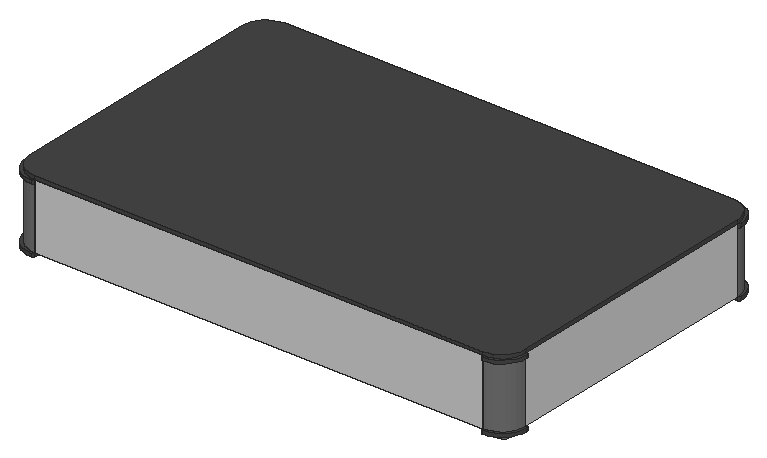
Revit family "QF_ADVENTYS_HOT_PLATE_B-S_250902065116", category Specialty Equipment, Revit 2021
Family settings
  Round Connector Dimension = Use Diameter
  Part Type = Normal
  OmniClass Number = 23.40.40.14
  OmniClass Title = Food Service Equipment
  Work Plane-Based = No
  Always vertical = Yes
  Cut with Voids When Loaded = No
  Shared = No
  Room Calculation Point = No
Parameters (values of type "ADV2060")
  Weight in Pounds [instance] = 0
  Weight = 7.50 kg
  Warranty Start Date [instance] = ""
  Warranty Duration [instance] = ""
  Volts [instance] = 230 V
  URL Recommended Spares List = ""
  URL Manufacturer = ""
  URL Cutsheet = ""
  URL Critical Spares List = ""
  URL = "www.adventys.com"
  Tag Number [instance] = ""
  Status [instance] = ""
  Specification by User [instance] = ""
  Specification by Manufacturer [instance] = ""
  Sound Level [instance] = ""
  Solid Fuel Type [instance] = ""
  Service Life Duration [instance] = ""
  Serial Number [instance] = ""
  Seismic Rating [instance] = ""
  SMACNA No [instance] = ""
  Revision Code [instance] = ""
  Revision [instance] = ""
  Production Year [instance] = ""
  Point Load [instance] = 0
  Phase [instance] = 1
  Other Equipment Approvals [instance] = ""
  Number of Poles [instance] = 2
  NAFEM Spec ID Number [instance] = ""
  Model Warning [instance] = ""
  Model = "HOT PLATE B-S"
  Min Ckt Ampacity [instance] = 0 A
  Max Overcurrent Protection [instance] = 10 A
  Masterspec [instance] = ""
  Manufacturer = "ADVENTYS"
  Length Actual = 620 mm
  Item Number [instance] = ""
  Installed By [instance] = ""
  Installation Date [instance] = ""
  Identify Quantity as Lot [instance] = no
  ID [instance] = ""
  Hygiene Approval [instance] = ""
  Hot Water Consumption = 0.0 L/s
  Height Actual = 96 mm
  HP power [instance] = ""
  Furnished By [instance] = ""
  Foodservice Equipment Identifier [instance] = no
  FL Amps [instance] = 4.5 A
  Electrical Remarks [instance] = "Plug not included"
  Electric power [instance] = 0 W
  Electric Connection Type [instance] = "Cord&Plug"
  Elec Conn RI Height [instance] = 0 mm
  Elec Conn Connection Height [instance] = 0 mm
  ETL Approved [instance] = no
  Description = "ELECTRONICALLY CONTROLLED HOTPLATE"
  Depth Actual = 390 mm
  Default Elevation = 0 mm
  Cycle [instance] = 50 Hz
  Cost = 0
  Conn Plug [instance] = ""
  Conn Conduit [instance] = no
  CSI MasterFormat [instance] = ""
  CE Approved [instance] = no
  Barcode [instance] = 0
  Author [instance] = ""
  Asset Identifier [instance] = ""
  Apparent Power [instance] = 1000 VA
  Accessory = no
Reference planes
  plane 1 "Center (Front/Back)": y = 0
  plane 2: z = 0
  plane 3 "Center (Left/Right)": x = 0
Forms (mm)
  Extrusion 1, solid, not visible
    sketch origin (70.003, -2, 47.502) x (1, 0, 0) y (0, 1, 0)
      loop
        line (-2, 2) -> (-2, -2) -> (2, -2) -> (2, 2) -> (-2, 2)
    from -2 to 2
Dimensions and locks
  locked: Extrusion 1 to nested 2
  locked: nested 2 to Extrusion 1 at 2
  aligned and locked: level to plane 2
Nested families
  nested 1: "QF_ADVENTYS_ADV2060_2916" at (0, 0, 0), type "ADV2060"
    with Status "", Show Logo yes, Show Clearance yes
  nested 2: "CONN_POINT_ELE_2D___Generic_Annotation" at (70.003, 0, 47.502), type "CONN_POINT_ELE_2D___Generic_Annotation"
    with Onboard connection annotation symbol visibility yes
Connectors
  electrical at (70.003, 0, 47.502), driven by "Apparent Power", driven by "Number of Poles", driven by "Volts"
    settings: on Extrusion 1, index 1, voltage 230 V, apparent load 0 VA, apparent load phase1 1000 VA, apparent load phase2 0 VA, apparent load phase3 0 VA, power factor 1, load classification "Other", number of poles 2, system type 31, power factor state 1, is connector primary yes, connector utility no, sub classification motor no, connector description "Electrical connection for HOT PLATE B-S"
Definition of nested family "QF_ADVENTYS_ADV2060_2916"
  Parameters (values of type "ADV2060")
    URL = "www.adventys.com"
    Status [instance] = ""
    Show Logo [instance] = yes
    Show Clearance [instance] = yes
    Model = "HOT PLATE B-S"
    Manufacturer = "ADVENTYS"
    Description = "ELECTRONICALLY CONTROLLED HOTPLATE"
    Default Elevation = 0 mm
    Author = "SPECIFI"
    Assembly Code = "E1090320"
  Reference planes
    plane 1 "Back": y = 0
    plane 2: z = 0
    plane 3 "Left": x = 0
    plane 4 "Right": x = 620
    plane 5 "Front": y = -390
    plane 6 "Top": z = 96
  Forms (mm)
    Extrusion 1, solid
      sketch origin (-437.879, -390, -60.3) x (1, 0, 0) y (0, 1, 0)
        loop
          line (437.879, 360) -> (437.879, 30) -> (467.879, 30) -> (467.879, 0) -> (1027.879, 0) -> (1027.879, 30) -> (1057.879, 30) -> (1057.879, 360) -> (1027.879, 360) -> (1027.879, 390) -> (467.879, 390) -> (467.879, 360) -> (437.879, 360)
      from 70.3 to 152.3
    Extrusion 2, solid
      sketch origin (30, -390, -14.006) x (1, 0, 0) y (0, 1, 0)
        loop
          line (0, 30) -> (-30.98, 30)
          arc (-30.98, 30) -> (-32.402, 29.388) -> (-32.935, 27.935) r 1.958
          arc (-32.935, 27.935) -> (-23.852, 6.102) -> (-2, -2.935) r 30.935
          arc (-2, -2.935) -> (-0.586, -2.35) -> (0, -0.935) r 2
          line (0, -0.935) -> (0, 30)
        loop
          line (560, 30) -> (560, -0.935)
          arc (560, -0.935) -> (560.586, -2.35) -> (562, -2.935) r 2
          arc (562, -2.935) -> (583.852, 6.102) -> (592.935, 27.935) r 30.935
          arc (592.935, 27.935) -> (592.402, 29.388) -> (590.98, 30) r 1.958
          line (590.98, 30) -> (560, 30)
        loop
          line (0, 360) -> (0, 390.935)
          arc (0, 390.935) -> (-0.586, 392.35) -> (-2, 392.935) r 2
          arc (-2, 392.935) -> (-23.852, 383.898) -> (-32.935, 362.065) r 30.935
          arc (-32.935, 362.065) -> (-32.402, 360.612) -> (-30.98, 360) r 1.958
          line (-30.98, 360) -> (0, 360)
        loop
          line (560, 360) -> (590.98, 360)
          arc (590.98, 360) -> (592.402, 360.612) -> (592.935, 362.065) r 1.958
          arc (592.935, 362.065) -> (583.852, 383.898) -> (562, 392.935) r 30.935
          arc (562, 392.935) -> (560.586, 392.35) -> (560, 390.935) r 2
          line (560, 390.935) -> (560, 360)
      from 20.006 to 24.006
    Extrusion 3, solid
      sketch origin (-430.601, -391.294, 0.995) x (1, 0, 0) y (0, 1, 0)
        loop
          circle (1033.349, 18.158) r 8
        loop
          circle (447.454, 18.158) r 8
        loop
          circle (1033.349, 374.212) r 8
        loop
          circle (447.454, 374.212) r 8
      from -0.995 to 5
    Extrusion 4, solid
      sketch origin (30, -390, 71.994) x (1, 0, 0) y (0, 1, 0)
        loop
          line (0, 0) -> (560, 0)
          arc (560, 0) -> (581.213, 8.787) -> (590, 30) r 30
          line (590, 30) -> (590, 360)
          arc (590, 360) -> (581.213, 381.213) -> (560, 390) r 30
          line (560, 390) -> (0, 390)
          arc (0, 390) -> (-21.213, 381.213) -> (-30, 360) r 30
          line (-30, 360) -> (-30, 30)
          arc (-30, 30) -> (-21.213, 8.787) -> (0, 0) r 30
      from 20.006 to 24.006
    Extrusion 5, solid
      sketch origin (30, -390, 67.994) x (1, 0, 0) y (0, 1, 0)
        loop
          arc (560, 390) -> (581.213, 381.213) -> (590, 360) r 30
          line (590, 360) -> (590.98, 360)
          arc (590.98, 360) -> (592.402, 360.612) -> (592.935, 362.065) r 1.958
          arc (592.935, 362.065) -> (583.852, 383.898) -> (562, 392.935) r 30.935
          arc (562, 392.935) -> (560.586, 392.35) -> (560, 390.935) r 2
          line (560, 390.935) -> (560, 390)
        loop
          line (560, 0) -> (560, -0.935)
          arc (560, -0.935) -> (560.586, -2.35) -> (562, -2.935) r 2
          arc (562, -2.935) -> (583.852, 6.102) -> (592.935, 27.935) r 30.935
          arc (592.935, 27.935) -> (592.402, 29.388) -> (590.98, 30) r 1.958
          line (590.98, 30) -> (590, 30)
          arc (590, 30) -> (581.213, 8.787) -> (560, 0) r 30
        loop
          line (0, 390) -> (0, 390.935)
          arc (0, 390.935) -> (-0.586, 392.35) -> (-2, 392.935) r 2
          arc (-2, 392.935) -> (-23.852, 383.898) -> (-32.935, 362.065) r 30.935
          arc (-32.935, 362.065) -> (-32.402, 360.612) -> (-30.98, 360) r 1.958
          line (-30.98, 360) -> (-30, 360)
          arc (-30, 360) -> (-21.213, 381.213) -> (0, 390) r 30
        loop
          arc (0, 0) -> (-21.213, 8.787) -> (-30, 30) r 30
          line (-30, 30) -> (-30.98, 30)
          arc (-30.98, 30) -> (-32.402, 29.388) -> (-32.935, 27.935) r 1.958
          arc (-32.935, 27.935) -> (-23.852, 6.102) -> (-2, -2.935) r 30.935
          arc (-2, -2.935) -> (-0.586, -2.35) -> (0, -0.935) r 2
          line (0, -0.935) -> (0, 0)
      from 20.006 to 24.006
    Extrusion 6, solid
      sketch origin (994.629, 0.2, -60.3) x (1, 0, 0) y (0, 0, 1)
        loop
          line (-603.629, 131.7) -> (-763.629, 131.7)
          arc (-763.629, 131.7) -> (-767.164, 130.236) -> (-768.629, 126.7) r 5
          line (-768.629, 126.7) -> (-768.629, 96.7)
          arc (-768.629, 96.7) -> (-767.164, 93.164) -> (-763.629, 91.7) r 5
          line (-763.629, 91.7) -> (-603.629, 91.7)
          arc (-603.629, 91.7) -> (-600.093, 93.164) -> (-598.629, 96.7) r 5
          line (-598.629, 96.7) -> (-598.629, 126.7)
          arc (-598.629, 126.7) -> (-600.093, 130.236) -> (-603.629, 131.7) r 5
      from -0.2 to 1.8
    Extrusion 7, solid
      sketch origin (-372.629, 0.6, -0.3) x (-1, 0, 0) y (0, 0, -1)
        loop
          line (-663.129, -58.2) -> (-663.129, -45.2) -> (-704.129, -45.2) -> (-704.129, -58.2) -> (-663.129, -58.2)
      from 0 to 2
    Extrusion 8, solid
      sketch origin (-372.629, -55.341, -0.3) x (-1, 0, 0) y (0, 0, -1)
        loop
          line (-647.129, -55.95) -> (-647.129, -47.45)
          arc (-647.129, -47.45) -> (-647.788, -45.859) -> (-649.379, -45.2) r 2.25
          line (-649.379, -45.2) -> (-657.879, -45.2)
          arc (-657.879, -45.2) -> (-659.47, -45.859) -> (-660.129, -47.45) r 2.25
          line (-660.129, -47.45) -> (-660.129, -55.95)
          arc (-660.129, -55.95) -> (-659.47, -57.541) -> (-657.879, -58.2) r 2.25
          line (-657.879, -58.2) -> (-649.379, -58.2)
          arc (-649.379, -58.2) -> (-647.788, -57.541) -> (-647.129, -55.95) r 2.25
        loop
          line (-653.229, -55.7) -> (-653.229, -52.1) -> (-649.629, -52.1) -> (-649.629, -51.3) -> (-653.229, -51.3) -> (-653.229, -47.7) -> (-654.029, -47.7) -> (-654.029, -51.3) -> (-657.629, -51.3) -> (-657.629, -52.1) -> (-654.029, -52.1) -> (-654.029, -55.7) -> (-653.229, -55.7)
        loop
          line (-707.129, -55.95) -> (-707.129, -47.45)
          arc (-707.129, -47.45) -> (-707.788, -45.859) -> (-709.379, -45.2) r 2.25
          line (-709.379, -45.2) -> (-717.879, -45.2)
          arc (-717.879, -45.2) -> (-719.47, -45.859) -> (-720.129, -47.45) r 2.25
          line (-720.129, -47.45) -> (-720.129, -55.95)
          arc (-720.129, -55.95) -> (-719.47, -57.541) -> (-717.879, -58.2) r 2.25
          line (-717.879, -58.2) -> (-709.379, -58.2)
          arc (-709.379, -58.2) -> (-707.788, -57.541) -> (-707.129, -55.95) r 2.25
        loop
          line (-709.629, -52.1) -> (-709.629, -51.3) -> (-717.629, -51.3) -> (-717.629, -52.1) -> (-709.629, -52.1)
        loop
          circle (-733.525, -51.7) r 6.5
        loop
          line (-733.229, -55.7) -> (-733.229, -47.7) -> (-734.029, -47.7) -> (-734.029, -55.7) -> (-733.229, -55.7)
      from -55.941 to -53.941
    Extrusion 9, solid
      sketch origin (0, 0, 0) x (1, 0, 0) y (0, 1, 0)
        loop
          arc (30, 0) -> (8.787, -8.787) -> (0, -30) r 30
          line (0, -30) -> (30, -30) -> (30, 0)
        loop
          line (30, -390) -> (30, -360) -> (0, -360)
          arc (0, -360) -> (8.787, -381.213) -> (30, -390) r 30
        loop
          line (590, 0) -> (590, -30) -> (620, -30)
          arc (620, -30) -> (611.213, -8.787) -> (590, 0) r 30
        loop
          arc (590, -390) -> (611.213, -381.213) -> (620, -360) r 30
          line (620, -360) -> (590, -360) -> (590, -390)
      from 10 to 88
  Lines and regions (mm)
    symbolic lines
      curve 1: line (0, -360, 0) -> (0, -30, 0)
      curve 2: line (30, 0, 0) -> (590, 0, 0)
      curve 3: line (620, -30, 0) -> (620, -360, 0)
      curve 4: line (590, -390, 0) -> (30, -390, 0)
      curve 5: arc (0, -360, 0) -> (8.787, -381.213, 0) -> (30, -390, 0) r 30
      curve 6: arc (590, -390, 0) -> (611.213, -381.213, 0) -> (620, -360, 0) r 30
      curve 7: arc (0, -30, 0) -> (8.787, -8.787, 0) -> (30, 0, 0) r 30
      curve 8: arc (590, 0, 0) -> (611.213, -8.787, 0) -> (620, -30, 0) r 30
      curve 9: line (0, -360, 0) -> (-0.98, -360, 0)
      curve 10: arc (-0.98, -360, 0) -> (-2.365, -360.574, 0) -> (-2.938, -361.958, 0) r 1.958
      curve 11: arc (-2.938, -361.958, 0) -> (6.135, -383.862, 0) -> (28.039, -392.935, 0) r 30.977
      curve 12: arc (28.039, -392.935, 0) -> (29.426, -392.361, 0) -> (30, -390.974, 0) r 1.961
      curve 13: line (30, -390.974, 0) -> (30, -390, 0)
      curve 14: line (620, -360, 0) -> (620.98, -360, 0)
      curve 15: arc (620.98, -360, 0) -> (622.365, -360.574, 0) -> (622.938, -361.958, 0) r 1.958
      curve 16: arc (622.938, -361.958, 0) -> (613.865, -383.862, 0) -> (591.961, -392.935, 0) r 30.977
      curve 17: arc (591.961, -392.935, 0) -> (590.574, -392.361, 0) -> (590, -390.974, 0) r 1.961
      curve 18: line (590, -390.974, 0) -> (590, -390, 0)
      curve 19: line (0, -30, 0) -> (-0.98, -30, 0)
      curve 20: arc (-0.98, -30, 0) -> (-2.365, -29.426, 0) -> (-2.938, -28.042, 0) r 1.958
      curve 21: arc (-2.938, -28.042, 0) -> (6.135, -6.138, 0) -> (28.039, 2.935, 0) r 30.977
      curve 22: arc (28.039, 2.935, 0) -> (29.426, 2.361, 0) -> (30, 0.974, 0) r 1.961
      curve 23: line (30, 0.974, 0) -> (30, 0, 0)
      curve 24: line (620, -30, 0) -> (620.98, -30, 0)
      curve 25: arc (620.98, -30, 0) -> (622.365, -29.426, 0) -> (622.938, -28.042, 0) r 1.958
      curve 26: arc (622.938, -28.042, 0) -> (613.865, -6.138, 0) -> (591.961, 2.935, 0) r 30.977
      curve 27: arc (591.961, 2.935, 0) -> (590.574, 2.361, 0) -> (590, 0.974, 0) r 1.961
      curve 28: line (590, 0.974, 0) -> (590, 0, 0)
  Dimensions and locks
    plane 6 "Top" to level = 96 mm
    plane 3 "Left" to plane 4 "Right" = 620 mm
    plane 5 "Front" to plane 1 "Back" = 390 mm
    aligned and locked: level to plane 2
Definition of nested family "CONN_POINT_ELE_2D___Generic_Annotation"
  Parameters (values of type "CONN_POINT_ELE_2D___Generic_Annotation")
    Onboard connection annotation symbol visibility [instance] = yes
  Reference planes
    plane 1: y = 0
    plane 2: x = 0
  Lines and regions (mm)
    detail lines, visible <- "Onboard connection annotation symbol visibility"
      curve 1: circle (0, 0, 0) r 0.5 normal (0, 0, 1)
      curve 2: line (-1, 0, 0) -> (1, 0, 0)
      curve 3: line (0, 1, 0) -> (0, -1, 0)
      curve 4: line (2.5, 1, 0) -> (1.25, 1, 0)
      curve 5: line (1.25, 1, 0) -> (1.25, -1, 0)
      curve 6: line (1.25, -1, 0) -> (2.5, -1, 0)
      curve 7: line (1.25, 0, 0) -> (2, 0, 0)
